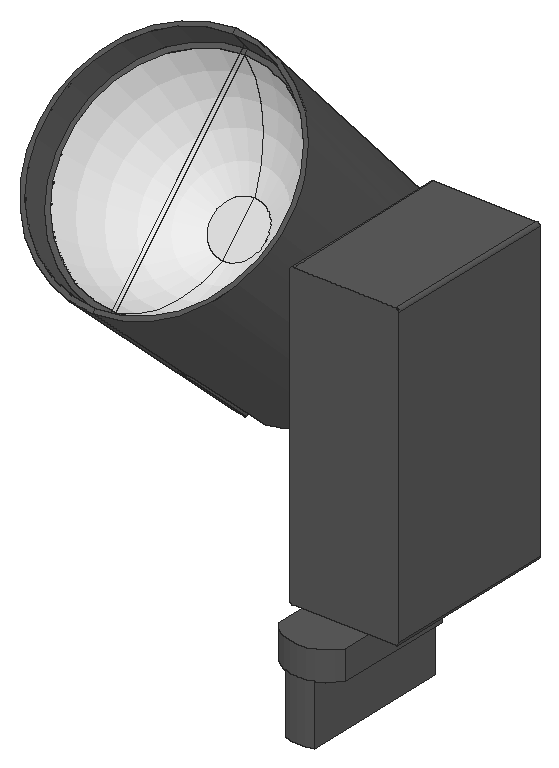
Revit family "0004903 Feilo Sylvania Lighting Fixture START TRACK SPOT L 35W 4K RA90 WB BLACK", category Lighting Fixtures, host Face, Revit 2017 (continued)
Definition of nested family "Start Track Spot Head"
  Types (96, lengths in mm): name | Wattage | built-in parameter 1150134 | Photometric Web File | Model | built-in parameter 1150105 | Lumens | built-in parameter 1150107 | built-in parameter 1150106 | HeadThickness_FEILO | HeadRibOffset_FEILO | HeadRibDepth_FEILO | HeadRibCutWidth_FEILO | HeadRibCutOffset_FEILO | HeadReflectorRadius_FEILO | HeadReflectorOffset_FEILO | HeadLEDRadius_FEILO | HeadHeight_FEILO | HeadDiffusorOffset_FEILO | HeadDiaOut_FEILO | HeadDiaIn_FEILO | HeadAxisFromTop_FEILO | Emit from Circle Diameter | built-in parameter 1150104 | Description | Apparent Load
    0004864 START TRACK SPOT S 24W 3K RA90 WB WHITE | 24 W | (empty or 0) | "0004864.ies" | "START TRACK SPOT S 24W 3K RA90 WB WHITE" | 152.79 (stored number, unit not read) | 1920 lm | 3000 (stored number, unit not read) | 1.5279 (stored number, unit not read) | 1.5 | 4.179 | 55.714 | 7.167 | 50.87 | 50.588 | 55.714 | 9.556 | 117 | 9.435 | 86 | 77.477 | 69.354 | 77.477 | 7.4322 (stored number, unit not read) | "Integrated LED spotlight, Textured White - RAL9016, compact and minimalist design, ideal for retail applications, die-cast aluminium body, passive cooling heatsink. Beam angle: 64°, color temperature: 3000K , total system power: 24W, total fixture output: 1928 lm, LOR: 100%, colour rendering: Ra: 90 typical, LED Chromaticity: 3 step MacAdam ellipse, lifetime: >50000 hours at L70B50, energy class: A++, A+, A, IR/UV free light source without heat radiation, operating voltage: 220-240V / 50-60Hz, drive current: 600mA, electronic driver, non-dimmable, power factor: 0.95, electrical protection: Class II, Global Track 3 Phase adapter suitable for Global trac 3-circuit tracks, ingress protection rating: IP20, suitable for internal environment only, horizontal rotation: 355°, vertical tilt: 90°, dimensions: Ø86x140x200, weight: 0.966kg." | 24 VA
    0004863 START TRACK SPOT S 24W 3K RA90 MB WHITE | 24 W | (empty or 0) | "0004863.ies" | "START TRACK SPOT S 24W 3K RA90 MB WHITE" | 154.7 (stored number, unit not read) | 1944 lm | 3000 (stored number, unit not read) | 1.547 (stored number, unit not read) | 1.5 | 4.179 | 55.714 | 7.167 | 50.87 | 50.588 | 55.714 | 9.556 | 117 | 9.435 | 86 | 77.477 | 69.354 | 77.477 | 7.5251 (stored number, unit not read) | "Integrated LED spotlight, Textured White - RAL9016, compact and minimalist design, ideal for retail applications, die-cast aluminium body, passive cooling heatsink. Beam angle: 36°, color temperature: 3000K , total system power: 24W, total fixture output: 1944 lm, LOR: 100%, colour rendering: Ra: 90 typical, LED Chromaticity: 3 step MacAdam ellipse, lifetime: >50000 hours at L70B50, energy class: A++, A+, A, IR/UV free light source without heat radiation, operating voltage: 220-240V / 50-60Hz, drive current: 600mA, electronic driver, non-dimmable, power factor: 0.95, electrical protection: Class II, Global Track 3 Phase adapter suitable for Global trac 3-circuit tracks, ingress protection rating: IP20, suitable for internal environment only, horizontal rotation: 355°, vertical tilt: 90°, dimensions: Ø86x140x200, weight: 0.966kg." | 24 VA
    0004862 START TRACK SPOT S 24W 3K RA90 NB WHITE | 24 W | (empty or 0) | "0004862.ies" | "START TRACK SPOT S 24W 3K RA90 NB WHITE" | 158.52 (stored number, unit not read) | 1992 lm | 3000 (stored number, unit not read) | 1.5852 (stored number, unit not read) | 1.5 | 4.179 | 55.714 | 7.167 | 50.87 | 50.588 | 55.714 | 9.556 | 117 | 9.435 | 86 | 77.477 | 69.354 | 77.477 | 7.711 (stored number, unit not read) | "Integrated LED spotlight, Textured White - RAL9016, compact and minimalist design, ideal for retail applications, die-cast aluminium body, passive cooling heatsink. Beam angle: 12°, color temperature: 3000K , total system power: 24W, total fixture output: 1987 lm, LOR: 100%, colour rendering: Ra: 90 typical, LED Chromaticity: 3 step MacAdam ellipse, lifetime: >50000 hours at L70B50, energy class: A++, A+, A, IR/UV free light source without heat radiation, operating voltage: 220-240V / 50-60Hz, drive current: 600mA, electronic driver, non-dimmable, power factor: 0.95, electrical protection: Class II, Global Track 3 Phase adapter suitable for Global trac 3-circuit tracks, ingress protection rating: IP20, suitable for internal environment only, horizontal rotation: 355°, vertical tilt: 90°, dimensions: Ø86x140x200, weight: 0.966kg." | 24 VA
    0004861 START TRACK SPOT S 14W 3K RA90 WB WHITE | 14 W | (empty or 0) | "0004861.ies" | "START TRACK SPOT S 14W 3K RA90 WB WHITE" | 100.27 (stored number, unit not read) | 1260 lm | 3000 (stored number, unit not read) | 1.0027 (stored number, unit not read) | 1.5 | 4.179 | 55.714 | 7.167 | 50.87 | 50.588 | 55.714 | 9.556 | 117 | 9.435 | 86 | 77.477 | 69.354 | 77.477 | 8.3613 (stored number, unit not read) | "Integrated LED spotlight, Textured White - RAL9016, compact and minimalist design, ideal for retail applications, die-cast aluminium body, passive cooling heatsink. Beam angle: 64°, color temperature: 3000K , total system power: 14W, total fixture output: 1262 lm, LOR: 100%, colour rendering: Ra: 90 typical, LED Chromaticity: 3 step MacAdam ellipse, lifetime: >50000 hours at L70B50, energy class: A++, A+, A, IR/UV free light source without heat radiation, operating voltage: 220-240V / 50-60Hz, drive current: 350mA, electronic driver, non-dimmable, power factor: 0.92, electrical protection: Class II, Global Track 3 Phase adapter suitable for Global trac 3-circuit tracks, ingress protection rating: IP20, suitable for internal environment only, horizontal rotation: 355°, vertical tilt: 90°, dimensions: Ø86x140x200, weight: 0.940kg." | 14 VA
    0004860 START TRACK SPOT S 14W 3K RA90 MB WHITE | 14 W | (empty or 0) | "0004860.ies" | "START TRACK SPOT S 14W 3K RA90 MB WHITE" | 100.27 (stored number, unit not read) | 1260 lm | 3000 (stored number, unit not read) | 1.0027 (stored number, unit not read) | 1.5 | 4.179 | 55.714 | 7.167 | 50.87 | 50.588 | 55.714 | 9.556 | 117 | 9.435 | 86 | 77.477 | 69.354 | 77.477 | 8.3613 (stored number, unit not read) | "Integrated LED spotlight, Textured White - RAL9016, compact and minimalist design, ideal for retail applications, die-cast aluminium body, passive cooling heatsink. Beam angle: 36°, color temperature: 3000K , total system power: 14W, total fixture output: 1262 lm, LOR: 100%, colour rendering: Ra: 90 typical, LED Chromaticity: 3 step MacAdam ellipse, lifetime: >50000 hours at L70B50, energy class: A++, A+, A, IR/UV free light source without heat radiation, operating voltage: 220-240V / 50-60Hz, drive current: 350mA, electronic driver, non-dimmable, power factor: 0.92, electrical protection: Class II, Global Track 3 Phase adapter suitable for Global trac 3-circuit tracks, ingress protection rating: IP20, suitable for internal environment only, horizontal rotation: 355°, vertical tilt: 90°, dimensions: Ø86x140x200, weight: 0.940kg." | 14 VA
    0004859 START TRACK SPOT S 14W 3K RA90 NB WHITE | 14 W | (empty or 0) | "0004859.ies" | "START TRACK SPOT S 14W 3K RA90 NB WHITE" | 102.5 (stored number, unit not read) | 1288 lm | 3000 (stored number, unit not read) | 1.025 (stored number, unit not read) | 1.5 | 4.179 | 55.714 | 7.167 | 50.87 | 50.588 | 55.714 | 9.556 | 117 | 9.435 | 86 | 77.477 | 69.354 | 77.477 | 8.5471 (stored number, unit not read) | "Integrated LED spotlight, Textured White - RAL9016, compact and minimalist design, ideal for retail applications, die-cast aluminium body, passive cooling heatsink. Beam angle: 12°, color temperature: 3000K , total system power: 14W, total fixture output: 1284 lm, LOR: 100%, colour rendering: Ra: 90 typical, LED Chromaticity: 3 step MacAdam ellipse, lifetime: >50000 hours at L70B50, energy class: A++, A+, A, IR/UV free light source without heat radiation, operating voltage: 220-240V / 50-60Hz, drive current: 350mA, electronic driver, non-dimmable, power factor: 0.92, electrical protection: Class II, Global Track 3 Phase adapter suitable for Global trac 3-circuit tracks, ingress protection rating: IP20, suitable for internal environment only, horizontal rotation: 355°, vertical tilt: 90°, dimensions: Ø86x140x200, weight: 0.940kg." | 14 VA
    0004858 START TRACK SPOT L 55W 4K RA80 WB BLACK | 55 W | 12 | "0004858.ies" | "START TRACK SPOT L 55W 4K RA80 WB BLACK" | 424.55 (stored number, unit not read) | 5335 lm | 4000 (stored number, unit not read) | 4.2455 (stored number, unit not read) | 2 | 4.429 | 59.048 | 9.417 | 53.913 | 66.471 | 59.048 | 12.556 | 124 | 10 | 113 | 101.802 | 73.503 | 101.802 | 9.0116 (stored number, unit not read) | "Integrated LED spotlight, Textured Black - RAL9005, compact and minimalist design, ideal for retail applications, die-cast aluminium body, passive cooling heatsink. Beam angle: 52°, color temperature: 4000K , total system power: 55W, total fixture output: 5320 lm, LOR: 100%, colour rendering: Ra: 80 typical, LED Chromaticity: 3 step MacAdam ellipse, lifetime: >50000 hours at L70B50, energy class: A++, A+, A, IR/UV free light source without heat radiation, operating voltage: 220-240V / 50-60Hz, drive current: 1400mA, electronic driver, non-dimmable, power factor: 0.96, electrical protection: Class II, Global Track 3 Phase adapter suitable for Global trac 3-circuit tracks, ingress protection rating: IP20, suitable for internal environment only, horizontal rotation: 355°, vertical tilt: 90°, dimensions: Ø113x164x240, weight: 1.398kg." | 55 VA
    0004857 START TRACK SPOT L 55W 4K RA80 MB BLACK | 55 W | 12 | "0004857.ies" | "START TRACK SPOT L 55W 4K RA80 MB BLACK" | 428.92 (stored number, unit not read) | 5390 lm | 4000 (stored number, unit not read) | 4.2892 (stored number, unit not read) | 2 | 4.429 | 59.048 | 9.417 | 53.913 | 66.471 | 59.048 | 12.556 | 124 | 10 | 113 | 101.802 | 73.503 | 101.802 | 9.1045 (stored number, unit not read) | "Integrated LED spotlight, Textured Black - RAL9005, compact and minimalist design, ideal for retail applications, die-cast aluminium body, passive cooling heatsink. Beam angle: 38°, color temperature: 4000K , total system power: 55W, total fixture output: 5378 lm, LOR: 100%, colour rendering: Ra: 80 typical, LED Chromaticity: 3 step MacAdam ellipse, lifetime: >50000 hours at L70B50, energy class: A++, A+, A, IR/UV free light source without heat radiation, operating voltage: 220-240V / 50-60Hz, drive current: 1400mA, electronic driver, non-dimmable, power factor: 0.96, electrical protection: Class II, Global Track 3 Phase adapter suitable for Global trac 3-circuit tracks, ingress protection rating: IP20, suitable for internal environment only, horizontal rotation: 355°, vertical tilt: 90°, dimensions: Ø113x164x240, weight: 1.398kg." | 55 VA
    0004856 START TRACK SPOT L 55W 4K RA80 NB BLACK | 55 W | 12 | "0004856.ies" | "START TRACK SPOT L 55W 4K RA80 NB BLACK" | 433.3 (stored number, unit not read) | 5445 lm | 4000 (stored number, unit not read) | 4.333 (stored number, unit not read) | 2 | 4.429 | 59.048 | 9.417 | 53.913 | 66.471 | 59.048 | 12.556 | 124 | 10 | 113 | 101.802 | 73.503 | 101.802 | 9.1974 (stored number, unit not read) | "Integrated LED spotlight, Textured Black - RAL9005, compact and minimalist design, ideal for retail applications, die-cast aluminium body, passive cooling heatsink. Beam angle: 15°, color temperature: 4000K , total system power: 55W, total fixture output: 5426 lm, LOR: 100%, colour rendering: Ra: 80 typical, LED Chromaticity: 3 step MacAdam ellipse, lifetime: >50000 hours at L70B50, energy class: A++, A+, A, IR/UV free light source without heat radiation, operating voltage: 220-240V / 50-60Hz, drive current: 1400mA, electronic driver, non-dimmable, power factor: 0.96, electrical protection: Class II, Global Track 3 Phase adapter suitable for Global trac 3-circuit tracks, ingress protection rating: IP20, suitable for internal environment only, horizontal rotation: 355°, vertical tilt: 90°, dimensions: Ø113x164x240, weight: 1.398kg." | 55 VA
    0004855 START TRACK SPOT L 35W 4K RA80 WB BLACK | 35 W | 12 | "0004855.ies" | "START TRACK SPOT L 35W 4K RA80 WB BLACK" | 320.3 (stored number, unit not read) | 4025 lm | 4000 (stored number, unit not read) | 3.203 (stored number, unit not read) | 2 | 4.429 | 59.048 | 9.417 | 53.913 | 66.471 | 59.048 | 12.556 | 124 | 10 | 113 | 101.802 | 73.503 | 101.802 | 10.684 (stored number, unit not read) | "Integrated LED spotlight, Textured Black - RAL9005, compact and minimalist design, ideal for retail applications, die-cast aluminium body, passive cooling heatsink. Beam angle: 52°, color temperature: 4000K , total system power: 35W, total fixture output: 4010 lm, LOR: 100%, colour rendering: Ra: 80 typical, LED Chromaticity: 3 step MacAdam ellipse, lifetime: >50000 hours at L70B50, energy class: A++, A+, A, IR/UV free light source without heat radiation, operating voltage: 220-240V / 50-60Hz, drive current: 900mA, electronic driver, non-dimmable, power factor: 0.93, electrical protection: Class II, Global Track 3 Phase adapter suitable for Global trac 3-circuit tracks, ingress protection rating: IP20, suitable for internal environment only, horizontal rotation: 355°, vertical tilt: 90°, dimensions: Ø113x164x240, weight: 1.368kg." | 35 VA
    0004854 START TRACK SPOT L 35W 4K RA80 MB BLACK | 35 W | 12 | "0004854.ies" | "START TRACK SPOT L 35W 4K RA80 MB BLACK" | 320.3 (stored number, unit not read) | 4025 lm | 4000 (stored number, unit not read) | 3.203 (stored number, unit not read) | 2 | 4.429 | 59.048 | 9.417 | 53.913 | 66.471 | 59.048 | 12.556 | 124 | 10 | 113 | 101.802 | 73.503 | 101.802 | 10.684 (stored number, unit not read) | "Integrated LED spotlight, Textured Black - RAL9005, compact and minimalist design, ideal for retail applications, die-cast aluminium body, passive cooling heatsink. Beam angle: 38°, color temperature: 4000K , total system power: 35W, total fixture output: 4017 lm, LOR: 100%, colour rendering: Ra: 80 typical, LED Chromaticity: 3 step MacAdam ellipse, lifetime: >50000 hours at L70B50, energy class: A++, A+, A, IR/UV free light source without heat radiation, operating voltage: 220-240V / 50-60Hz, drive current: 900mA, electronic driver, non-dimmable, power factor: 0.93, electrical protection: Class II, Global Track 3 Phase adapter suitable for Global trac 3-circuit tracks, ingress protection rating: IP20, suitable for internal environment only, horizontal rotation: 355°, vertical tilt: 90°, dimensions: Ø113x164x240, weight: 1.368kg." | 35 VA
    0004853 START TRACK SPOT L 35W 4K RA80 NB BLACK | 35 W | 12 | "0004853.ies" | "START TRACK SPOT L 35W 4K RA80 NB BLACK" | 331.44 (stored number, unit not read) | 4165 lm | 4000 (stored number, unit not read) | 3.3144 (stored number, unit not read) | 2 | 4.429 | 59.048 | 9.417 | 53.913 | 66.471 | 59.048 | 12.556 | 124 | 10 | 113 | 101.802 | 73.503 | 101.802 | 11.055 (stored number, unit not read) | "Integrated LED spotlight, Textured Black - RAL9005, compact and minimalist design, ideal for retail applications, die-cast aluminium body, passive cooling heatsink. Beam angle: 15°, color temperature: 4000K , total system power: 35W, total fixture output: 4174 lm, LOR: 100%, colour rendering: Ra: 80 typical, LED Chromaticity: 3 step MacAdam ellipse, lifetime: >50000 hours at L70B50, energy class: A++, A+, A, IR/UV free light source without heat radiation, operating voltage: 220-240V / 50-60Hz, drive current: 900mA, electronic driver, non-dimmable, power factor: 0.93, electrical protection: Class II, Global Track 3 Phase adapter suitable for Global trac 3-circuit tracks, ingress protection rating: IP20, suitable for internal environment only, horizontal rotation: 355°, vertical tilt: 90°, dimensions: Ø113x164x240, weight: 1.368kg." | 35 VA
    0004852 START TRACK SPOT S 24W 4K RA80 WB BLACK | 24 W | 12 | "0004852.ies" | "START TRACK SPOT S 24W 4K RA80 WB BLACK" | 196.72 (stored number, unit not read) | 2472 lm | 4000 (stored number, unit not read) | 1.9672 (stored number, unit not read) | 1.5 | 4.179 | 55.714 | 7.167 | 50.87 | 50.588 | 55.714 | 9.556 | 117 | 9.435 | 86 | 77.477 | 69.354 | 77.477 | 9.569 (stored number, unit not read) | "Integrated LED spotlight, Textured Black - RAL9005, compact and minimalist design, ideal for retail applications, die-cast aluminium body, passive cooling heatsink. Beam angle: 64°, color temperature: 4000K , total system power: 24W, total fixture output: 2476 lm, LOR: 100%, colour rendering: Ra: 80 typical, LED Chromaticity: 3 step MacAdam ellipse, lifetime: >50000 hours at L70B50, energy class: A++, A+, A, IR/UV free light source without heat radiation, operating voltage: 220-240V / 50-60Hz, drive current: 600mA, electronic driver, non-dimmable, power factor: 0.95, electrical protection: Class II, Global Track 3 Phase adapter suitable for Global trac 3-circuit tracks, ingress protection rating: IP20, suitable for internal environment only, horizontal rotation: 355°, vertical tilt: 90°, dimensions: Ø86x140x200, weight: 0.966kg." | 24 VA
    0004851 START TRACK SPOT S 24W 4K RA80 MB BLACK | 24 W | 12 | "0004851.ies" | "START TRACK SPOT S 24W 4K RA80 MB BLACK" | 198.63 (stored number, unit not read) | 2496 lm | 4000 (stored number, unit not read) | 1.9863 (stored number, unit not read) | 1.5 | 4.179 | 55.714 | 7.167 | 50.87 | 50.588 | 55.714 | 9.556 | 117 | 9.435 | 86 | 77.477 | 69.354 | 77.477 | 9.6619 (stored number, unit not read) | "Integrated LED spotlight, Textured Black - RAL9005, compact and minimalist design, ideal for retail applications, die-cast aluminium body, passive cooling heatsink. Beam angle: 36°, color temperature: 4000K , total system power: 24W, total fixture output: 2487 lm, LOR: 100%, colour rendering: Ra: 80 typical, LED Chromaticity: 3 step MacAdam ellipse, lifetime: >50000 hours at L70B50, energy class: A++, A+, A, IR/UV free light source without heat radiation, operating voltage: 220-240V / 50-60Hz, drive current: 600mA, electronic driver, non-dimmable, power factor: 0.95, electrical protection: Class II, Global Track 3 Phase adapter suitable for Global trac 3-circuit tracks, ingress protection rating: IP20, suitable for internal environment only, horizontal rotation: 355°, vertical tilt: 90°, dimensions: Ø86x140x200, weight: 0.966kg." | 24 VA
    0004850 START TRACK SPOT S 24W 4K RA80 NB BLACK | 24 W | 12 | "0004850.ies" | "START TRACK SPOT S 24W 4K RA80 NB BLACK" | 200.54 (stored number, unit not read) | 2520 lm | 4000 (stored number, unit not read) | 2.0054 (stored number, unit not read) | 1.5 | 4.179 | 55.714 | 7.167 | 50.87 | 50.588 | 55.714 | 9.556 | 117 | 9.435 | 86 | 77.477 | 69.354 | 77.477 | 9.7548 (stored number, unit not read) | "Integrated LED spotlight, Textured Black - RAL9005, compact and minimalist design, ideal for retail applications, die-cast aluminium body, passive cooling heatsink. Beam angle: 12°, color temperature: 4000K , total system power: 24W, total fixture output: 2529 lm, LOR: 100%, colour rendering: Ra: 80 typical, LED Chromaticity: 3 step MacAdam ellipse, lifetime: >50000 hours at L70B50, energy class: A++, A+, A, IR/UV free light source without heat radiation, operating voltage: 220-240V / 50-60Hz, drive current: 600mA, electronic driver, non-dimmable, power factor: 0.95, electrical protection: Class II, Global Track 3 Phase adapter suitable for Global trac 3-circuit tracks, ingress protection rating: IP20, suitable for internal environment only, horizontal rotation: 355°, vertical tilt: 90°, dimensions: Ø86x140x200, weight: 0.966kg." | 24 VA
    0004849 START TRACK SPOT S 14W 4K RA80 WB BLACK | 14 W | 12 | "0004849.ies" | "START TRACK SPOT S 14W 4K RA80 WB BLACK" | 123.66 (stored number, unit not read) | 1554 lm | 4000 (stored number, unit not read) | 1.2366 (stored number, unit not read) | 1.5 | 4.179 | 55.714 | 7.167 | 50.87 | 50.588 | 55.714 | 9.556 | 117 | 9.435 | 86 | 77.477 | 69.354 | 77.477 | 10.312 (stored number, unit not read) | "Integrated LED spotlight, Textured Black - RAL9005, compact and minimalist design, ideal for retail applications, die-cast aluminium body, passive cooling heatsink. Beam angle: 64°, color temperature: 4000K , total system power: 14W, total fixture output: 1558 lm, LOR: 100%, colour rendering: Ra: 80 typical, LED Chromaticity: 3 step MacAdam ellipse, lifetime: >50000 hours at L70B50, energy class: A++, A+, A, IR/UV free light source without heat radiation, operating voltage: 220-240V / 50-60Hz, drive current: 350mA, electronic driver, non-dimmable, power factor: 0.92, electrical protection: Class II, Global Track 3 Phase adapter suitable for Global trac 3-circuit tracks, ingress protection rating: IP20, suitable for internal environment only, horizontal rotation: 355°, vertical tilt: 90°, dimensions: Ø86x140x200, weight: 0.940kg." | 14 VA
    0004848 START TRACK SPOT S 14W 4K RA80 MB BLACK | 14 W | 12 | "0004848.ies" | "START TRACK SPOT S 14W 4K RA80 MB BLACK" | 127.01 (stored number, unit not read) | 1596 lm | 4000 (stored number, unit not read) | 1.2701 (stored number, unit not read) | 1.5 | 4.179 | 55.714 | 7.167 | 50.87 | 50.588 | 55.714 | 9.556 | 117 | 9.435 | 86 | 77.477 | 69.354 | 77.477 | 10.591 (stored number, unit not read) | "Integrated LED spotlight, Textured Black - RAL9005, compact and minimalist design, ideal for retail applications, die-cast aluminium body, passive cooling heatsink. Beam angle: 36°, color temperature: 4000K , total system power: 14W, total fixture output: 1598 lm, LOR: 100%, colour rendering: Ra: 80 typical, LED Chromaticity: 3 step MacAdam ellipse, lifetime: >50000 hours at L70B50, energy class: A++, A+, A, IR/UV free light source without heat radiation, operating voltage: 220-240V / 50-60Hz, drive current: 350mA, electronic driver, non-dimmable, power factor: 0.92, electrical protection: Class II, Global Track 3 Phase adapter suitable for Global trac 3-circuit tracks, ingress protection rating: IP20, suitable for internal environment only, horizontal rotation: 355°, vertical tilt: 90°, dimensions: Ø86x140x200, weight: 0.940kg." | 14 VA
    0004847 START TRACK SPOT S 14W 4K RA80 NB BLACK | 14 W | 12 | "0004847.ies" | "START TRACK SPOT S 14W 4K RA80 NB BLACK" | 128.12 (stored number, unit not read) | 1610 lm | 4000 (stored number, unit not read) | 1.2812 (stored number, unit not read) | 1.5 | 4.179 | 55.714 | 7.167 | 50.87 | 50.588 | 55.714 | 9.556 | 117 | 9.435 | 86 | 77.477 | 69.354 | 77.477 | 10.684 (stored number, unit not read) | "Integrated LED spotlight, Textured Black - RAL9005, compact and minimalist design, ideal for retail applications, die-cast aluminium body, passive cooling heatsink. Beam angle: 12°, color temperature: 4000K , total system power: 14W, total fixture output: 1608 lm, LOR: 100%, colour rendering: Ra: 80 typical, LED Chromaticity: 3 step MacAdam ellipse, lifetime: >50000 hours at L70B50, energy class: A++, A+, A, IR/UV free light source without heat radiation, operating voltage: 220-240V / 50-60Hz, drive current: 350mA, electronic driver, non-dimmable, power factor: 0.92, electrical protection: Class II, Global Track 3 Phase adapter suitable for Global trac 3-circuit tracks, ingress protection rating: IP20, suitable for internal environment only, horizontal rotation: 355°, vertical tilt: 90°, dimensions: Ø86x140x200, weight: 0.940kg." | 14 VA
    0004846 START TRACK SPOT L 55W 3K RA80 WB BLACK | 55 W | (empty or 0) | "0004846.ies" | "START TRACK SPOT L 55W 3K RA80 WB BLACK" | 420.17 (stored number, unit not read) | 5280 lm | 3000 (stored number, unit not read) | 4.2017 (stored number, unit not read) | 2 | 4.429 | 59.048 | 9.417 | 53.913 | 66.471 | 59.048 | 12.556 | 124 | 10 | 113 | 101.802 | 73.503 | 101.802 | 8.9187 (stored number, unit not read) | "Integrated LED spotlight, Textured Black - RAL9005, compact and minimalist design, ideal for retail applications, die-cast aluminium body, passive cooling heatsink. Beam angle: 52°, color temperature: 3000K , total system power: 55W, total fixture output: 5298 lm, LOR: 100%, colour rendering: Ra: 80 typical, LED Chromaticity: 3 step MacAdam ellipse, lifetime: >50000 hours at L70B50, energy class: A++, A+, A, IR/UV free light source without heat radiation, operating voltage: 220-240V / 50-60Hz, drive current: 1400mA, electronic driver, non-dimmable, power factor: 0.96, electrical protection: Class II, Global Track 3 Phase adapter suitable for Global trac 3-circuit tracks, ingress protection rating: IP20, suitable for internal environment only, horizontal rotation: 355°, vertical tilt: 90°, dimensions: Ø113x164x240, weight: 1.398kg." | 55 VA
    0004845 START TRACK SPOT L 55W 3K RA80 MB BLACK | 55 W | (empty or 0) | "0004845.ies" | "START TRACK SPOT L 55W 3K RA80 MB BLACK" | 428.92 (stored number, unit not read) | 5390 lm | 3000 (stored number, unit not read) | 4.2892 (stored number, unit not read) | 2 | 4.429 | 59.048 | 9.417 | 53.913 | 66.471 | 59.048 | 12.556 | 124 | 10 | 113 | 101.802 | 73.503 | 101.802 | 9.1045 (stored number, unit not read) | "Integrated LED spotlight, Textured Black - RAL9005, compact and minimalist design, ideal for retail applications, die-cast aluminium body, passive cooling heatsink. Beam angle: 38°, color temperature: 3000K , total system power: 55W, total fixture output: 5381 lm, LOR: 100%, colour rendering: Ra: 80 typical, LED Chromaticity: 3 step MacAdam ellipse, lifetime: >50000 hours at L70B50, energy class: A++, A+, A, IR/UV free light source without heat radiation, operating voltage: 220-240V / 50-60Hz, drive current: 1400mA, electronic driver, non-dimmable, power factor: 0.96, electrical protection: Class II, Global Track 3 Phase adapter suitable for Global trac 3-circuit tracks, ingress protection rating: IP20, suitable for internal environment only, horizontal rotation: 355°, vertical tilt: 90°, dimensions: Ø113x164x240, weight: 1.398kg." | 55 VA
    0004844 START TRACK SPOT L 55W 3K RA80 NB BLACK | 55 W | (empty or 0) | "0004844.ies" | "START TRACK SPOT L 55W 3K RA80 NB BLACK" | 433.3 (stored number, unit not read) | 5445 lm | 3000 (stored number, unit not read) | 4.333 (stored number, unit not read) | 2 | 4.429 | 59.048 | 9.417 | 53.913 | 66.471 | 59.048 | 12.556 | 124 | 10 | 113 | 101.802 | 73.503 | 101.802 | 9.1974 (stored number, unit not read) | "Integrated LED spotlight, Textured Black - RAL9005, compact and minimalist design, ideal for retail applications, die-cast aluminium body, passive cooling heatsink. Beam angle: 15°, color temperature: 3000K , total system power: 55W, total fixture output: 5449 lm, LOR: 100%, colour rendering: Ra: 80 typical, LED Chromaticity: 3 step MacAdam ellipse, lifetime: >50000 hours at L70B50, energy class: A++, A+, A, IR/UV free light source without heat radiation, operating voltage: 220-240V / 50-60Hz, drive current: 1400mA, electronic driver, non-dimmable, power factor: 0.96, electrical protection: Class II, Global Track 3 Phase adapter suitable for Global trac 3-circuit tracks, ingress protection rating: IP20, suitable for internal environment only, horizontal rotation: 355°, vertical tilt: 90°, dimensions: Ø113x164x240, weight: 1.398kg." | 55 VA
    0004843 START TRACK SPOT L 35W 3K RA80 WB BLACK | 35 W | (empty or 0) | "0004843.ies" | "START TRACK SPOT L 35W 3K RA80 WB BLACK" | 314.73 (stored number, unit not read) | 3955 lm | 3000 (stored number, unit not read) | 3.1473 (stored number, unit not read) | 2 | 4.429 | 59.048 | 9.417 | 53.913 | 66.471 | 59.048 | 12.556 | 124 | 10 | 113 | 101.802 | 73.503 | 101.802 | 10.498 (stored number, unit not read) | "Integrated LED spotlight, Textured Black - RAL9005, compact and minimalist design, ideal for retail applications, die-cast aluminium body, passive cooling heatsink. Beam angle: 52°, color temperature: 3000K , total system power: 35W, total fixture output: 3943 lm, LOR: 100%, colour rendering: Ra: 80 typical, LED Chromaticity: 3 step MacAdam ellipse, lifetime: >50000 hours at L70B50, energy class: A++, A+, A, IR/UV free light source without heat radiation, operating voltage: 220-240V / 50-60Hz, drive current: 900mA, electronic driver, non-dimmable, power factor: 0.93, electrical protection: Class II, Global Track 3 Phase adapter suitable for Global trac 3-circuit tracks, ingress protection rating: IP20, suitable for internal environment only, horizontal rotation: 355°, vertical tilt: 90°, dimensions: Ø113x164x240, weight: 1.368kg." | 35 VA
    0004842 START TRACK SPOT L 35W 3K RA80 MB BLACK | 35 W | (empty or 0) | "0004842.ies" | "START TRACK SPOT L 35W 3K RA80 MB BLACK" | 320.3 (stored number, unit not read) | 4025 lm | 3000 (stored number, unit not read) | 3.203 (stored number, unit not read) | 2 | 4.429 | 59.048 | 9.417 | 53.913 | 66.471 | 59.048 | 12.556 | 124 | 10 | 113 | 101.802 | 73.503 | 101.802 | 10.684 (stored number, unit not read) | "Integrated LED spotlight, Textured Black - RAL9005, compact and minimalist design, ideal for retail applications, die-cast aluminium body, passive cooling heatsink. Beam angle: 38°, color temperature: 3000K , total system power: 35W, total fixture output: 4008 lm, LOR: 100%, colour rendering: Ra: 80 typical, LED Chromaticity: 3 step MacAdam ellipse, lifetime: >50000 hours at L70B50, energy class: A++, A+, A, IR/UV free light source without heat radiation, operating voltage: 220-240V / 50-60Hz, drive current: 900mA, electronic driver, non-dimmable, power factor: 0.93, electrical protection: Class II, Global Track 3 Phase adapter suitable for Global trac 3-circuit tracks, ingress protection rating: IP20, suitable for internal environment only, horizontal rotation: 355°, vertical tilt: 90°, dimensions: Ø113x164x240, weight: 1.368kg." | 35 VA
    0004841 START TRACK SPOT L 35W 3K RA80 NB BLACK | 35 W | (empty or 0) | "0004841.ies" | "START TRACK SPOT L 35W 3K RA80 NB BLACK" | 317.51 (stored number, unit not read) | 3990 lm | 3000 (stored number, unit not read) | 3.1751 (stored number, unit not read) | 2 | 4.429 | 59.048 | 9.417 | 53.913 | 66.471 | 59.048 | 12.556 | 124 | 10 | 113 | 101.802 | 73.503 | 101.802 | 10.591 (stored number, unit not read) | "Integrated LED spotlight, Textured Black - RAL9005, compact and minimalist design, ideal for retail applications, die-cast aluminium body, passive cooling heatsink. Beam angle: 15°, color temperature: 3000K , total system power: 35W, total fixture output: 4005 lm, LOR: 100%, colour rendering: Ra: 80 typical, LED Chromaticity: 3 step MacAdam ellipse, lifetime: >50000 hours at L70B50, energy class: A++, A+, A, IR/UV free light source without heat radiation, operating voltage: 220-240V / 50-60Hz, drive current: 900mA, electronic driver, non-dimmable, power factor: 0.93, electrical protection: Class II, Global Track 3 Phase adapter suitable for Global trac 3-circuit tracks, ingress protection rating: IP20, suitable for internal environment only, horizontal rotation: 355°, vertical tilt: 90°, dimensions: Ø113x164x240, weight: 1.368kg." | 35 VA
    0004840 START TRACK SPOT S 24W 3K RA80 WB BLACK | 24 W | (empty or 0) | "0004840.ies" | "START TRACK SPOT S 24W 3K RA80 WB BLACK" | 185.26 (stored number, unit not read) | 2328 lm | 3000 (stored number, unit not read) | 1.8526 (stored number, unit not read) | 1.5 | 4.179 | 55.714 | 7.167 | 50.87 | 50.588 | 55.714 | 9.556 | 117 | 9.435 | 86 | 77.477 | 69.354 | 77.477 | 9.0116 (stored number, unit not read) | "Integrated LED spotlight, Textured Black - RAL9005, compact and minimalist design, ideal for retail applications, die-cast aluminium body, passive cooling heatsink. Beam angle: 64°, color temperature: 3000K , total system power: 24W, total fixture output: 2318 lm, LOR: 100%, colour rendering: Ra: 80 typical, LED Chromaticity: 3 step MacAdam ellipse, lifetime: >50000 hours at L70B50, energy class: A++, A+, A, IR/UV free light source without heat radiation, operating voltage: 220-240V / 50-60Hz, drive current: 600mA, electronic driver, non-dimmable, power factor: 0.95, electrical protection: Class II, Global Track 3 Phase adapter suitable for Global trac 3-circuit tracks, ingress protection rating: IP20, suitable for internal environment only, horizontal rotation: 355°, vertical tilt: 90°, dimensions: Ø86x140x200, weight: 0.966kg." | 24 VA
    0004839 START TRACK SPOT S 24W 3K RA80 MB BLACK | 24 W | (empty or 0) | "0004839.ies" | "START TRACK SPOT S 24W 3K RA80 MB BLACK" | 183.35 (stored number, unit not read) | 2304 lm | 3000 (stored number, unit not read) | 1.8335 (stored number, unit not read) | 1.5 | 4.179 | 55.714 | 7.167 | 50.87 | 50.588 | 55.714 | 9.556 | 117 | 9.435 | 86 | 77.477 | 69.354 | 77.477 | 8.9187 (stored number, unit not read) | "Integrated LED spotlight, Textured Black - RAL9005, compact and minimalist design, ideal for retail applications, die-cast aluminium body, passive cooling heatsink. Beam angle: 36°, color temperature: 3000K , total system power: 24W, total fixture output: 2314 lm, LOR: 100%, colour rendering: Ra: 80 typical, LED Chromaticity: 3 step MacAdam ellipse, lifetime: >50000 hours at L70B50, energy class: A++, A+, A, IR/UV free light source without heat radiation, operating voltage: 220-240V / 50-60Hz, drive current: 600mA, electronic driver, non-dimmable, power factor: 0.95, electrical protection: Class II, Global Track 3 Phase adapter suitable for Global trac 3-circuit tracks, ingress protection rating: IP20, suitable for internal environment only, horizontal rotation: 355°, vertical tilt: 90°, dimensions: Ø86x140x200, weight: 0.966kg." | 24 VA
    0004838 START TRACK SPOT S 24W 3K RA80 NB BLACK | 24 W | (empty or 0) | "0004838.ies" | "START TRACK SPOT S 24W 3K RA80 NB BLACK" | 185.26 (stored number, unit not read) | 2328 lm | 3000 (stored number, unit not read) | 1.8526 (stored number, unit not read) | 1.5 | 4.179 | 55.714 | 7.167 | 50.87 | 50.588 | 55.714 | 9.556 | 117 | 9.435 | 86 | 77.477 | 69.354 | 77.477 | 9.0116 (stored number, unit not read) | "Integrated LED spotlight, Textured Black - RAL9005, compact and minimalist design, ideal for retail applications, die-cast aluminium body, passive cooling heatsink. Beam angle: 12°, color temperature: 3000K , total system power: 24W, total fixture output: 2334 lm, LOR: 100%, colour rendering: Ra: 80 typical, LED Chromaticity: 3 step MacAdam ellipse, lifetime: >50000 hours at L70B50, energy class: A++, A+, A, IR/UV free light source without heat radiation, operating voltage: 220-240V / 50-60Hz, drive current: 600mA, electronic driver, non-dimmable, power factor: 0.95, electrical protection: Class II, Global Track 3 Phase adapter suitable for Global trac 3-circuit tracks, ingress protection rating: IP20, suitable for internal environment only, horizontal rotation: 355°, vertical tilt: 90°, dimensions: Ø86x140x200, weight: 0.966kg." | 24 VA
    0004837 START TRACK SPOT S 14W 3K RA80 WB BLACK | 14 W | (empty or 0) | "0004837.ies" | "START TRACK SPOT S 14W 3K RA80 WB BLACK" | 119.21 (stored number, unit not read) | 1498 lm | 3000 (stored number, unit not read) | 1.1921 (stored number, unit not read) | 1.5 | 4.179 | 55.714 | 7.167 | 50.87 | 50.588 | 55.714 | 9.556 | 117 | 9.435 | 86 | 77.477 | 69.354 | 77.477 | 9.9406 (stored number, unit not read) | "Integrated LED spotlight, Textured Black - RAL9005, compact and minimalist design, ideal for retail applications, die-cast aluminium body, passive cooling heatsink. Beam angle: 64°, color temperature: 3000K , total system power: 14W, total fixture output: 1498 lm, LOR: 100%, colour rendering: Ra: 80 typical, LED Chromaticity: 3 step MacAdam ellipse, lifetime: >50000 hours at L70B50, energy class: A++, A+, A, IR/UV free light source without heat radiation, operating voltage: 220-240V / 50-60Hz, drive current: 350mA, electronic driver, non-dimmable, power factor: 0.92, electrical protection: Class II, Global Track 3 Phase adapter suitable for Global trac 3-circuit tracks, ingress protection rating: IP20, suitable for internal environment only, horizontal rotation: 355°, vertical tilt: 90°, dimensions: Ø86x140x200, weight: 0.940kg." | 14 VA
    0004836 START TRACK SPOT S 14W 3K RA80 MB BLACK | 14 W | (empty or 0) | "0004836.ies" | "START TRACK SPOT S 14W 3K RA80 MB BLACK" | 120.32 (stored number, unit not read) | 1512 lm | 3000 (stored number, unit not read) | 1.2032 (stored number, unit not read) | 1.5 | 4.179 | 55.714 | 7.167 | 50.87 | 50.588 | 55.714 | 9.556 | 117 | 9.435 | 86 | 77.477 | 69.354 | 77.477 | 10.034 (stored number, unit not read) | "Integrated LED spotlight, Textured Black - RAL9005, compact and minimalist design, ideal for retail applications, die-cast aluminium body, passive cooling heatsink. Beam angle: 36°, color temperature: 3000K , total system power: 14W, total fixture output: 1508 lm, LOR: 100%, colour rendering: Ra: 80 typical, LED Chromaticity: 3 step MacAdam ellipse, lifetime: >50000 hours at L70B50, energy class: A++, A+, A, IR/UV free light source without heat radiation, operating voltage: 220-240V / 50-60Hz, drive current: 350mA, electronic driver, non-dimmable, power factor: 0.92, electrical protection: Class II, Global Track 3 Phase adapter suitable for Global trac 3-circuit tracks, ingress protection rating: IP20, suitable for internal environment only, horizontal rotation: 355°, vertical tilt: 90°, dimensions: Ø86x140x200, weight: 0.940kg." | 14 VA
    0004835 START TRACK SPOT S 14W 3K RA80 NB BLACK | 14 W | (empty or 0) | "0004835.ies" | "START TRACK SPOT S 14W 3K RA80 NB BLACK" | 123.66 (stored number, unit not read) | 1554 lm | 3000 (stored number, unit not read) | 1.2366 (stored number, unit not read) | 1.5 | 4.179 | 55.714 | 7.167 | 50.87 | 50.588 | 55.714 | 9.556 | 117 | 9.435 | 86 | 77.477 | 69.354 | 77.477 | 10.312 (stored number, unit not read) | "Integrated LED spotlight, Textured Black - RAL9005, compact and minimalist design, ideal for retail applications, die-cast aluminium body, passive cooling heatsink. Beam angle: 12°, color temperature: 3000K , total system power: 14W, total fixture output: 1551 lm, LOR: 100%, colour rendering: Ra: 80 typical, LED Chromaticity: 3 step MacAdam ellipse, lifetime: >50000 hours at L70B50, energy class: A++, A+, A, IR/UV free light source without heat radiation, operating voltage: 220-240V / 50-60Hz, drive current: 350mA, electronic driver, non-dimmable, power factor: 0.92, electrical protection: Class II, Global Track 3 Phase adapter suitable for Global trac 3-circuit tracks, ingress protection rating: IP20, suitable for internal environment only, horizontal rotation: 355°, vertical tilt: 90°, dimensions: Ø86x140x200, weight: 0.940kg." | 14 VA
    0004834 START TRACK SPOT L 55W 4K RA80 WB WHITE | 55 W | 12 | "0004834.ies" | "START TRACK SPOT L 55W 4K RA80 WB WHITE" | 424.55 (stored number, unit not read) | 5335 lm | 4000 (stored number, unit not read) | 4.2455 (stored number, unit not read) | 2 | 4.429 | 59.048 | 9.417 | 53.913 | 66.471 | 59.048 | 12.556 | 124 | 10 | 113 | 101.802 | 73.503 | 101.802 | 9.0116 (stored number, unit not read) | "Integrated LED spotlight, Textured White - RAL9016, compact and minimalist design, ideal for retail applications, die-cast aluminium body, passive cooling heatsink. Beam angle: 52°, color temperature: 4000K , total system power: 55W, total fixture output: 5320 lm, LOR: 100%, colour rendering: Ra: 80 typical, LED Chromaticity: 3 step MacAdam ellipse, lifetime: >50000 hours at L70B50, energy class: A++, A+, A, IR/UV free light source without heat radiation, operating voltage: 220-240V / 50-60Hz, drive current: 1400mA, electronic driver, non-dimmable, power factor: 0.96, electrical protection: Class II, Global Track 3 Phase adapter suitable for Global trac 3-circuit tracks, ingress protection rating: IP20, suitable for internal environment only, horizontal rotation: 355°, vertical tilt: 90°, dimensions: Ø113x164x240, weight: 1.398kg." | 55 VA
    0004833 START TRACK SPOT L 55W 4K RA80 MB WHITE | 55 W | 12 | "0004833.ies" | "START TRACK SPOT L 55W 4K RA80 MB WHITE" | 428.92 (stored number, unit not read) | 5390 lm | 4000 (stored number, unit not read) | 4.2892 (stored number, unit not read) | 2 | 4.429 | 59.048 | 9.417 | 53.913 | 66.471 | 59.048 | 12.556 | 124 | 10 | 113 | 101.802 | 73.503 | 101.802 | 9.1045 (stored number, unit not read) | "Integrated LED spotlight, Textured White - RAL9016, compact and minimalist design, ideal for retail applications, die-cast aluminium body, passive cooling heatsink. Beam angle: 38°, color temperature: 4000K , total system power: 55W, total fixture output: 5378 lm, LOR: 100%, colour rendering: Ra: 80 typical, LED Chromaticity: 3 step MacAdam ellipse, lifetime: >50000 hours at L70B50, energy class: A++, A+, A, IR/UV free light source without heat radiation, operating voltage: 220-240V / 50-60Hz, drive current: 1400mA, electronic driver, non-dimmable, power factor: 0.96, electrical protection: Class II, Global Track 3 Phase adapter suitable for Global trac 3-circuit tracks, ingress protection rating: IP20, suitable for internal environment only, horizontal rotation: 355°, vertical tilt: 90°, dimensions: Ø113x164x240, weight: 1.398kg." | 55 VA
    0004832 START TRACK SPOT L 55W 4K RA80 NB WHITE | 55 W | 12 | "0004832.ies" | "START TRACK SPOT L 55W 4K RA80 NB WHITE" | 433.3 (stored number, unit not read) | 5445 lm | 4000 (stored number, unit not read) | 4.333 (stored number, unit not read) | 2 | 4.429 | 59.048 | 9.417 | 53.913 | 66.471 | 59.048 | 12.556 | 124 | 10 | 113 | 101.802 | 73.503 | 101.802 | 9.1974 (stored number, unit not read) | "Integrated LED spotlight, Textured White - RAL9016, compact and minimalist design, ideal for retail applications, die-cast aluminium body, passive cooling heatsink. Beam angle: 15°, color temperature: 4000K , total system power: 55W, total fixture output: 5426 lm, LOR: 100%, colour rendering: Ra: 80 typical, LED Chromaticity: 3 step MacAdam ellipse, lifetime: >50000 hours at L70B50, energy class: A++, A+, A, IR/UV free light source without heat radiation, operating voltage: 220-240V / 50-60Hz, drive current: 1400mA, electronic driver, non-dimmable, power factor: 0.96, electrical protection: Class II, Global Track 3 Phase adapter suitable for Global trac 3-circuit tracks, ingress protection rating: IP20, suitable for internal environment only, horizontal rotation: 355°, vertical tilt: 90°, dimensions: Ø113x164x240, weight: 1.398kg." | 55 VA
    0004831 START TRACK SPOT L 35W 4K RA80 WB WHITE | 35 W | 12 | "0004831.ies" | "START TRACK SPOT L 35W 4K RA80 WB WHITE" | 320.3 (stored number, unit not read) | 4025 lm | 4000 (stored number, unit not read) | 3.203 (stored number, unit not read) | 2 | 4.429 | 59.048 | 9.417 | 53.913 | 66.471 | 59.048 | 12.556 | 124 | 10 | 113 | 101.802 | 73.503 | 101.802 | 10.684 (stored number, unit not read) | "Integrated LED spotlight, Textured White - RAL9016, compact and minimalist design, ideal for retail applications, die-cast aluminium body, passive cooling heatsink. Beam angle: 52°, color temperature: 4000K , total system power: 35W, total fixture output: 4010 lm, LOR: 100%, colour rendering: Ra: 80 typical, LED Chromaticity: 3 step MacAdam ellipse, lifetime: >50000 hours at L70B50, energy class: A++, A+, A, IR/UV free light source without heat radiation, operating voltage: 220-240V / 50-60Hz, drive current: 900mA, electronic driver, non-dimmable, power factor: 0.93, electrical protection: Class II, Global Track 3 Phase adapter suitable for Global trac 3-circuit tracks, ingress protection rating: IP20, suitable for internal environment only, horizontal rotation: 355°, vertical tilt: 90°, dimensions: Ø113x164x240, weight: 1.368kg." | 35 VA
    0004830 START TRACK SPOT L 35W 4K RA80 MB WHITE | 35 W | 12 | "0004830.ies" | "START TRACK SPOT L 35W 4K RA80 MB WHITE" | 320.3 (stored number, unit not read) | 4025 lm | 4000 (stored number, unit not read) | 3.203 (stored number, unit not read) | 2 | 4.429 | 59.048 | 9.417 | 53.913 | 66.471 | 59.048 | 12.556 | 124 | 10 | 113 | 101.802 | 73.503 | 101.802 | 10.684 (stored number, unit not read) | "Integrated LED spotlight, Textured White - RAL9016, compact and minimalist design, ideal for retail applications, die-cast aluminium body, passive cooling heatsink. Beam angle: 38°, color temperature: 4000K , total system power: 35W, total fixture output: 4017 lm, LOR: 100%, colour rendering: Ra: 80 typical, LED Chromaticity: 3 step MacAdam ellipse, lifetime: >50000 hours at L70B50, energy class: A++, A+, A, IR/UV free light source without heat radiation, operating voltage: 220-240V / 50-60Hz, drive current: 900mA, electronic driver, non-dimmable, power factor: 0.93, electrical protection: Class II, Global Track 3 Phase adapter suitable for Global trac 3-circuit tracks, ingress protection rating: IP20, suitable for internal environment only, horizontal rotation: 355°, vertical tilt: 90°, dimensions: Ø113x164x240, weight: 1.368kg." | 35 VA
    0004829 START TRACK SPOT L 35W 4K RA80 NB WHITE | 35 W | 12 | "0004829.ies" | "START TRACK SPOT L 35W 4K RA80 NB WHITE" | 331.44 (stored number, unit not read) | 4165 lm | 4000 (stored number, unit not read) | 3.3144 (stored number, unit not read) | 2 | 4.429 | 59.048 | 9.417 | 53.913 | 66.471 | 59.048 | 12.556 | 124 | 10 | 113 | 101.802 | 73.503 | 101.802 | 11.055 (stored number, unit not read) | "Integrated LED spotlight, Textured White - RAL9016, compact and minimalist design, ideal for retail applications, die-cast aluminium body, passive cooling heatsink. Beam angle: 15°, color temperature: 4000K , total system power: 35W, total fixture output: 4174 lm, LOR: 100%, colour rendering: Ra: 80 typical, LED Chromaticity: 3 step MacAdam ellipse, lifetime: >50000 hours at L70B50, energy class: A++, A+, A, IR/UV free light source without heat radiation, operating voltage: 220-240V / 50-60Hz, drive current: 900mA, electronic driver, non-dimmable, power factor: 0.93, electrical protection: Class II, Global Track 3 Phase adapter suitable for Global trac 3-circuit tracks, ingress protection rating: IP20, suitable for internal environment only, horizontal rotation: 355°, vertical tilt: 90°, dimensions: Ø113x164x240, weight: 1.368kg." | 35 VA
    0004828 START TRACK SPOT S 24W 4K RA80 WB WHITE | 24 W | 12 | "0004828.ies" | "START TRACK SPOT S 24W 4K RA80 WB WHITE" | 196.72 (stored number, unit not read) | 2472 lm | 4000 (stored number, unit not read) | 1.9672 (stored number, unit not read) | 1.5 | 4.179 | 55.714 | 7.167 | 50.87 | 50.588 | 55.714 | 9.556 | 117 | 9.435 | 86 | 77.477 | 69.354 | 77.477 | 9.569 (stored number, unit not read) | "Integrated LED spotlight, Textured White - RAL9016, compact and minimalist design, ideal for retail applications, die-cast aluminium body, passive cooling heatsink. Beam angle: 64°, color temperature: 4000K , total system power: 24W, total fixture output: 2476 lm, LOR: 100%, colour rendering: Ra: 80 typical, LED Chromaticity: 3 step MacAdam ellipse, lifetime: >50000 hours at L70B50, energy class: A++, A+, A, IR/UV free light source without heat radiation, operating voltage: 220-240V / 50-60Hz, drive current: 600mA, electronic driver, non-dimmable, power factor: 0.95, electrical protection: Class II, Global Track 3 Phase adapter suitable for Global trac 3-circuit tracks, ingress protection rating: IP20, suitable for internal environment only, horizontal rotation: 355°, vertical tilt: 90°, dimensions: Ø86x140x200, weight: 0.966kg." | 24 VA
    0004827 START TRACK SPOT S 24W 4K RA80 MB WHITE | 24 W | 12 | "0004827.ies" | "START TRACK SPOT S 24W 4K RA80 MB WHITE" | 198.63 (stored number, unit not read) | 2496 lm | 4000 (stored number, unit not read) | 1.9863 (stored number, unit not read) | 1.5 | 4.179 | 55.714 | 7.167 | 50.87 | 50.588 | 55.714 | 9.556 | 117 | 9.435 | 86 | 77.477 | 69.354 | 77.477 | 9.6619 (stored number, unit not read) | "Integrated LED spotlight, Textured White - RAL9016, compact and minimalist design, ideal for retail applications, die-cast aluminium body, passive cooling heatsink. Beam angle: 36°, color temperature: 4000K , total system power: 24W, total fixture output: 2487 lm, LOR: 100%, colour rendering: Ra: 80 typical, LED Chromaticity: 3 step MacAdam ellipse, lifetime: >50000 hours at L70B50, energy class: A++, A+, A, IR/UV free light source without heat radiation, operating voltage: 220-240V / 50-60Hz, drive current: 600mA, electronic driver, non-dimmable, power factor: 0.95, electrical protection: Class II, Global Track 3 Phase adapter suitable for Global trac 3-circuit tracks, ingress protection rating: IP20, suitable for internal environment only, horizontal rotation: 355°, vertical tilt: 90°, dimensions: Ø86x140x200, weight: 0.966kg." | 24 VA
    0004826 START TRACK SPOT S 24W 4K RA80 NB WHITE | 24 W | 12 | "0004826.ies" | "START TRACK SPOT S 24W 4K RA80 NB WHITE" | 200.54 (stored number, unit not read) | 2520 lm | 4000 (stored number, unit not read) | 2.0054 (stored number, unit not read) | 1.5 | 4.179 | 55.714 | 7.167 | 50.87 | 50.588 | 55.714 | 9.556 | 117 | 9.435 | 86 | 77.477 | 69.354 | 77.477 | 9.7548 (stored number, unit not read) | "Integrated LED spotlight, Textured White - RAL9016, compact and minimalist design, ideal for retail applications, die-cast aluminium body, passive cooling heatsink. Beam angle: 12°, color temperature: 4000K , total system power: 24W, total fixture output: 2529 lm, LOR: 100%, colour rendering: Ra: 80 typical, LED Chromaticity: 3 step MacAdam ellipse, lifetime: >50000 hours at L70B50, energy class: A++, A+, A, IR/UV free light source without heat radiation, operating voltage: 220-240V / 50-60Hz, drive current: 600mA, electronic driver, non-dimmable, power factor: 0.95, electrical protection: Class II, Global Track 3 Phase adapter suitable for Global trac 3-circuit tracks, ingress protection rating: IP20, suitable for internal environment only, horizontal rotation: 355°, vertical tilt: 90°, dimensions: Ø86x140x200, weight: 0.966kg." | 24 VA
    0004825 START TRACK SPOT S 14W 4K RA80 WB WHITE | 14 W | 12 | "0004825.ies" | "START TRACK SPOT S 14W 4K RA80 WB WHITE" | 123.66 (stored number, unit not read) | 1554 lm | 4000 (stored number, unit not read) | 1.2366 (stored number, unit not read) | 1.5 | 4.179 | 55.714 | 7.167 | 50.87 | 50.588 | 55.714 | 9.556 | 117 | 9.435 | 86 | 77.477 | 69.354 | 77.477 | 10.312 (stored number, unit not read) | "Integrated LED spotlight, Textured White - RAL9016, compact and minimalist design, ideal for retail applications, die-cast aluminium body, passive cooling heatsink. Beam angle: 64°, color temperature: 4000K , total system power: 14W, total fixture output: 1558 lm, LOR: 100%, colour rendering: Ra: 80 typical, LED Chromaticity: 3 step MacAdam ellipse, lifetime: >50000 hours at L70B50, energy class: A++, A+, A, IR/UV free light source without heat radiation, operating voltage: 220-240V / 50-60Hz, drive current: 350mA, electronic driver, non-dimmable, power factor: 0.92, electrical protection: Class II, Global Track 3 Phase adapter suitable for Global trac 3-circuit tracks, ingress protection rating: IP20, suitable for internal environment only, horizontal rotation: 355°, vertical tilt: 90°, dimensions: Ø86x140x200, weight: 0.940kg." | 14 VA
    0004824 START TRACK SPOT S 14W 4K RA80 MB WHITE | 14 W | 12 | "0004824.ies" | "START TRACK SPOT S 14W 4K RA80 MB WHITE" | 127.01 (stored number, unit not read) | 1596 lm | 4000 (stored number, unit not read) | 1.2701 (stored number, unit not read) | 1.5 | 4.179 | 55.714 | 7.167 | 50.87 | 50.588 | 55.714 | 9.556 | 117 | 9.435 | 86 | 77.477 | 69.354 | 77.477 | 10.591 (stored number, unit not read) | "Integrated LED spotlight, Textured White - RAL9016, compact and minimalist design, ideal for retail applications, die-cast aluminium body, passive cooling heatsink. Beam angle: 36°, color temperature: 4000K , total system power: 14W, total fixture output: 1598 lm, LOR: 100%, colour rendering: Ra: 80 typical, LED Chromaticity: 3 step MacAdam ellipse, lifetime: >50000 hours at L70B50, energy class: A++, A+, A, IR/UV free light source without heat radiation, operating voltage: 220-240V / 50-60Hz, drive current: 350mA, electronic driver, non-dimmable, power factor: 0.92, electrical protection: Class II, Global Track 3 Phase adapter suitable for Global trac 3-circuit tracks, ingress protection rating: IP20, suitable for internal environment only, horizontal rotation: 355°, vertical tilt: 90°, dimensions: Ø86x140x200, weight: 0.940kg." | 14 VA
    0004823 START TRACK SPOT S 14W 4K RA80 NB WHITE | 14 W | 12 | "0004823.ies" | "START TRACK SPOT S 14W 4K RA80 NB WHITE" | 128.12 (stored number, unit not read) | 1610 lm | 4000 (stored number, unit not read) | 1.2812 (stored number, unit not read) | 1.5 | 4.179 | 55.714 | 7.167 | 50.87 | 50.588 | 55.714 | 9.556 | 117 | 9.435 | 86 | 77.477 | 69.354 | 77.477 | 10.684 (stored number, unit not read) | "Integrated LED spotlight, Textured White - RAL9016, compact and minimalist design, ideal for retail applications, die-cast aluminium body, passive cooling heatsink. Beam angle: 12°, color temperature: 4000K , total system power: 14W, total fixture output: 1608 lm, LOR: 100%, colour rendering: Ra: 80 typical, LED Chromaticity: 3 step MacAdam ellipse, lifetime: >50000 hours at L70B50, energy class: A++, A+, A, IR/UV free light source without heat radiation, operating voltage: 220-240V / 50-60Hz, drive current: 350mA, electronic driver, non-dimmable, power factor: 0.92, electrical protection: Class II, Global Track 3 Phase adapter suitable for Global trac 3-circuit tracks, ingress protection rating: IP20, suitable for internal environment only, horizontal rotation: 355°, vertical tilt: 90°, dimensions: Ø86x140x200, weight: 0.940kg." | 14 VA
    0004822 START TRACK SPOT L 55W 3K RA80 WB WHITE | 55 W | (empty or 0) | "0004822.ies" | "START TRACK SPOT L 55W 3K RA80 WB WHITE" | 420.17 (stored number, unit not read) | 5280 lm | 3000 (stored number, unit not read) | 4.2017 (stored number, unit not read) | 2 | 4.429 | 59.048 | 9.417 | 53.913 | 66.471 | 59.048 | 12.556 | 124 | 10 | 113 | 101.802 | 73.503 | 101.802 | 8.9187 (stored number, unit not read) | "Integrated LED spotlight, Textured White - RAL9016, compact and minimalist design, ideal for retail applications, die-cast aluminium body, passive cooling heatsink. Beam angle: 52°, color temperature: 3000K , total system power: 55W, total fixture output: 5298 lm, LOR: 100%, colour rendering: Ra: 80 typical, LED Chromaticity: 3 step MacAdam ellipse, lifetime: >50000 hours at L70B50, energy class: A++, A+, A, IR/UV free light source without heat radiation, operating voltage: 220-240V / 50-60Hz, drive current: 1400mA, electronic driver, non-dimmable, power factor: 0.96, electrical protection: Class II, Global Track 3 Phase adapter suitable for Global trac 3-circuit tracks, ingress protection rating: IP20, suitable for internal environment only, horizontal rotation: 355°, vertical tilt: 90°, dimensions: Ø113x164x240, weight: 1.398kg." | 55 VA
    0004821 START TRACK SPOT L 55W 3K RA80 MB WHITE | 55 W | (empty or 0) | "0004821.ies" | "START TRACK SPOT L 55W 3K RA80 MB WHITE" | 428.92 (stored number, unit not read) | 5390 lm | 3000 (stored number, unit not read) | 4.2892 (stored number, unit not read) | 2 | 4.429 | 59.048 | 9.417 | 53.913 | 66.471 | 59.048 | 12.556 | 124 | 10 | 113 | 101.802 | 73.503 | 101.802 | 9.1045 (stored number, unit not read) | "Integrated LED spotlight, Textured White - RAL9016, compact and minimalist design, ideal for retail applications, die-cast aluminium body, passive cooling heatsink. Beam angle: 38°, color temperature: 3000K , total system power: 55W, total fixture output: 5381 lm, LOR: 100%, colour rendering: Ra: 80 typical, LED Chromaticity: 3 step MacAdam ellipse, lifetime: >50000 hours at L70B50, energy class: A++, A+, A, IR/UV free light source without heat radiation, operating voltage: 220-240V / 50-60Hz, drive current: 1400mA, electronic driver, non-dimmable, power factor: 0.96, electrical protection: Class II, Global Track 3 Phase adapter suitable for Global trac 3-circuit tracks, ingress protection rating: IP20, suitable for internal environment only, horizontal rotation: 355°, vertical tilt: 90°, dimensions: Ø113x164x240, weight: 1.398kg." | 55 VA
    0004820 START TRACK SPOT L 55W 3K RA80 NB WHITE | 55 W | (empty or 0) | "0004820.ies" | "START TRACK SPOT L 55W 3K RA80 NB WHITE" | 433.3 (stored number, unit not read) | 5445 lm | 3000 (stored number, unit not read) | 4.333 (stored number, unit not read) | 2 | 4.429 | 59.048 | 9.417 | 53.913 | 66.471 | 59.048 | 12.556 | 124 | 10 | 113 | 101.802 | 73.503 | 101.802 | 9.1974 (stored number, unit not read) | "Integrated LED spotlight, Textured White - RAL9016, compact and minimalist design, ideal for retail applications, die-cast aluminium body, passive cooling heatsink. Beam angle: 15°, color temperature: 3000K , total system power: 55W, total fixture output: 5449 lm, LOR: 100%, colour rendering: Ra: 80 typical, LED Chromaticity: 3 step MacAdam ellipse, lifetime: >50000 hours at L70B50, energy class: A++, A+, A, IR/UV free light source without heat radiation, operating voltage: 220-240V / 50-60Hz, drive current: 1400mA, electronic driver, non-dimmable, power factor: 0.96, electrical protection: Class II, Global Track 3 Phase adapter suitable for Global trac 3-circuit tracks, ingress protection rating: IP20, suitable for internal environment only, horizontal rotation: 355°, vertical tilt: 90°, dimensions: Ø113x164x240, weight: 1.398kg." | 55 VA
    0004819 START TRACK SPOT L 35W 3K RA80 WB WHITE | 35 W | (empty or 0) | "0004819.ies" | "START TRACK SPOT L 35W 3K RA80 WB WHITE" | 314.73 (stored number, unit not read) | 3955 lm | 3000 (stored number, unit not read) | 3.1473 (stored number, unit not read) | 2 | 4.429 | 59.048 | 9.417 | 53.913 | 66.471 | 59.048 | 12.556 | 124 | 10 | 113 | 101.802 | 73.503 | 101.802 | 10.498 (stored number, unit not read) | "Integrated LED spotlight, Textured White - RAL9016, compact and minimalist design, ideal for retail applications, die-cast aluminium body, passive cooling heatsink. Beam angle: 52°, color temperature: 3000K , total system power: 35W, total fixture output: 3943 lm, LOR: 100%, colour rendering: Ra: 80 typical, LED Chromaticity: 3 step MacAdam ellipse, lifetime: >50000 hours at L70B50, energy class: A++, A+, A, IR/UV free light source without heat radiation, operating voltage: 220-240V / 50-60Hz, drive current: 900mA, electronic driver, non-dimmable, power factor: 0.93, electrical protection: Class II, Global Track 3 Phase adapter suitable for Global trac 3-circuit tracks, ingress protection rating: IP20, suitable for internal environment only, horizontal rotation: 355°, vertical tilt: 90°, dimensions: Ø113x164x240, weight: 1.368kg." | 35 VA
    0004818 START TRACK SPOT L 35W 3K RA80 MB WHITE | 35 W | (empty or 0) | "0004818.ies" | "START TRACK SPOT L 35W 3K RA80 MB WHITE" | 320.3 (stored number, unit not read) | 4025 lm | 3000 (stored number, unit not read) | 3.203 (stored number, unit not read) | 2 | 4.429 | 59.048 | 9.417 | 53.913 | 66.471 | 59.048 | 12.556 | 124 | 10 | 113 | 101.802 | 73.503 | 101.802 | 10.684 (stored number, unit not read) | "Integrated LED spotlight, Textured White - RAL9016, compact and minimalist design, ideal for retail applications, die-cast aluminium body, passive cooling heatsink. Beam angle: 38°, color temperature: 3000K , total system power: 35W, total fixture output: 4008 lm, LOR: 100%, colour rendering: Ra: 80 typical, LED Chromaticity: 3 step MacAdam ellipse, lifetime: >50000 hours at L70B50, energy class: A++, A+, A, IR/UV free light source without heat radiation, operating voltage: 220-240V / 50-60Hz, drive current: 900mA, electronic driver, non-dimmable, power factor: 0.93, electrical protection: Class II, Global Track 3 Phase adapter suitable for Global trac 3-circuit tracks, ingress protection rating: IP20, suitable for internal environment only, horizontal rotation: 355°, vertical tilt: 90°, dimensions: Ø113x164x240, weight: 1.368kg." | 35 VA
    0004817 START TRACK SPOT L 35W 3K RA80 NB WHITE | 35 W | (empty or 0) | "0004817.ies" | "START TRACK SPOT L 35W 3K RA80 NB WHITE" | 317.51 (stored number, unit not read) | 3990 lm | 3000 (stored number, unit not read) | 3.1751 (stored number, unit not read) | 2 | 4.429 | 59.048 | 9.417 | 53.913 | 66.471 | 59.048 | 12.556 | 124 | 10 | 113 | 101.802 | 73.503 | 101.802 | 10.591 (stored number, unit not read) | "Integrated LED spotlight, Textured White - RAL9016, compact and minimalist design, ideal for retail applications, die-cast aluminium body, passive cooling heatsink. Beam angle: 15°, color temperature: 3000K , total system power: 35W, total fixture output: 4005 lm, LOR: 100%, colour rendering: Ra: 80 typical, LED Chromaticity: 3 step MacAdam ellipse, lifetime: >50000 hours at L70B50, energy class: A++, A+, A, IR/UV free light source without heat radiation, operating voltage: 220-240V / 50-60Hz, drive current: 900mA, electronic driver, non-dimmable, power factor: 0.93, electrical protection: Class II, Global Track 3 Phase adapter suitable for Global trac 3-circuit tracks, ingress protection rating: IP20, suitable for internal environment only, horizontal rotation: 355°, vertical tilt: 90°, dimensions: Ø113x164x240, weight: 1.368kg." | 35 VA
    0004816 START TRACK SPOT S 24W 3K RA80 WB WHITE | 24 W | (empty or 0) | "0004816.ies" | "START TRACK SPOT S 24W 3K RA80 WB WHITE" | 185.26 (stored number, unit not read) | 2328 lm | 3000 (stored number, unit not read) | 1.8526 (stored number, unit not read) | 1.5 | 4.179 | 55.714 | 7.167 | 50.87 | 50.588 | 55.714 | 9.556 | 117 | 9.435 | 86 | 77.477 | 69.354 | 77.477 | 9.0116 (stored number, unit not read) | "Integrated LED spotlight, Textured White - RAL9016, compact and minimalist design, ideal for retail applications, die-cast aluminium body, passive cooling heatsink. Beam angle: 64°, color temperature: 3000K , total system power: 24W, total fixture output: 2318 lm, LOR: 100%, colour rendering: Ra: 80 typical, LED Chromaticity: 3 step MacAdam ellipse, lifetime: >50000 hours at L70B50, energy class: A++, A+, A, IR/UV free light source without heat radiation, operating voltage: 220-240V / 50-60Hz, drive current: 600mA, electronic driver, non-dimmable, power factor: 0.95, electrical protection: Class II, Global Track 3 Phase adapter suitable for Global trac 3-circuit tracks, ingress protection rating: IP20, suitable for internal environment only, horizontal rotation: 355°, vertical tilt: 90°, dimensions: Ø86x140x200, weight: 0.966kg." | 24 VA
    0004815 START TRACK SPOT S 24W 3K RA80 MB WHITE | 24 W | (empty or 0) | "0004815.ies" | "START TRACK SPOT S 24W 3K RA80 MB WHITE" | 183.35 (stored number, unit not read) | 2304 lm | 3000 (stored number, unit not read) | 1.8335 (stored number, unit not read) | 1.5 | 4.179 | 55.714 | 7.167 | 50.87 | 50.588 | 55.714 | 9.556 | 117 | 9.435 | 86 | 77.477 | 69.354 | 77.477 | 8.9187 (stored number, unit not read) | "Integrated LED spotlight, Textured White - RAL9016, compact and minimalist design, ideal for retail applications, die-cast aluminium body, passive cooling heatsink. Beam angle: 36°, color temperature: 3000K , total system power: 24W, total fixture output: 2314 lm, LOR: 100%, colour rendering: Ra: 80 typical, LED Chromaticity: 3 step MacAdam ellipse, lifetime: >50000 hours at L70B50, energy class: A++, A+, A, IR/UV free light source without heat radiation, operating voltage: 220-240V / 50-60Hz, drive current: 600mA, electronic driver, non-dimmable, power factor: 0.95, electrical protection: Class II, Global Track 3 Phase adapter suitable for Global trac 3-circuit tracks, ingress protection rating: IP20, suitable for internal environment only, horizontal rotation: 355°, vertical tilt: 90°, dimensions: Ø86x140x200, weight: 0.966kg." | 24 VA
    0004814 START TRACK SPOT S 24W 3K RA80 NB WHITE | 24 W | (empty or 0) | "0004814.ies" | "START TRACK SPOT S 24W 3K RA80 NB WHITE" | 185.26 (stored number, unit not read) | 2328 lm | 3000 (stored number, unit not read) | 1.8526 (stored number, unit not read) | 1.5 | 4.179 | 55.714 | 7.167 | 50.87 | 50.588 | 55.714 | 9.556 | 117 | 9.435 | 86 | 77.477 | 69.354 | 77.477 | 9.0116 (stored number, unit not read) | "Integrated LED spotlight, Textured White - RAL9016, compact and minimalist design, ideal for retail applications, die-cast aluminium body, passive cooling heatsink. Beam angle: 12°, color temperature: 3000K , total system power: 24W, total fixture output: 2334 lm, LOR: 100%, colour rendering: Ra: 80 typical, LED Chromaticity: 3 step MacAdam ellipse, lifetime: >50000 hours at L70B50, energy class: A++, A+, A, IR/UV free light source without heat radiation, operating voltage: 220-240V / 50-60Hz, drive current: 600mA, electronic driver, non-dimmable, power factor: 0.95, electrical protection: Class II, Global Track 3 Phase adapter suitable for Global trac 3-circuit tracks, ingress protection rating: IP20, suitable for internal environment only, horizontal rotation: 355°, vertical tilt: 90°, dimensions: Ø86x140x200, weight: 0.966kg." | 24 VA
    0004813 START TRACK SPOT S 14W 3K RA80 WB WHITE | 14 W | (empty or 0) | "0004813.ies" | "START TRACK SPOT S 14W 3K RA80 WB WHITE" | 119.21 (stored number, unit not read) | 1498 lm | 3000 (stored number, unit not read) | 1.1921 (stored number, unit not read) | 1.5 | 4.179 | 55.714 | 7.167 | 50.87 | 50.588 | 55.714 | 9.556 | 117 | 9.435 | 86 | 77.477 | 69.354 | 77.477 | 9.9406 (stored number, unit not read) | "Integrated LED spotlight, Textured White - RAL9016, compact and minimalist design, ideal for retail applications, die-cast aluminium body, passive cooling heatsink. Beam angle: 64°, color temperature: 3000K , total system power: 14W, total fixture output: 1498 lm, LOR: 100%, colour rendering: Ra: 80 typical, LED Chromaticity: 3 step MacAdam ellipse, lifetime: >50000 hours at L70B50, energy class: A++, A+, A, IR/UV free light source without heat radiation, operating voltage: 220-240V / 50-60Hz, drive current: 350mA, electronic driver, non-dimmable, power factor: 0.92, electrical protection: Class II, Global Track 3 Phase adapter suitable for Global trac 3-circuit tracks, ingress protection rating: IP20, suitable for internal environment only, horizontal rotation: 355°, vertical tilt: 90°, dimensions: Ø86x140x200, weight: 0.940kg." | 14 VA
